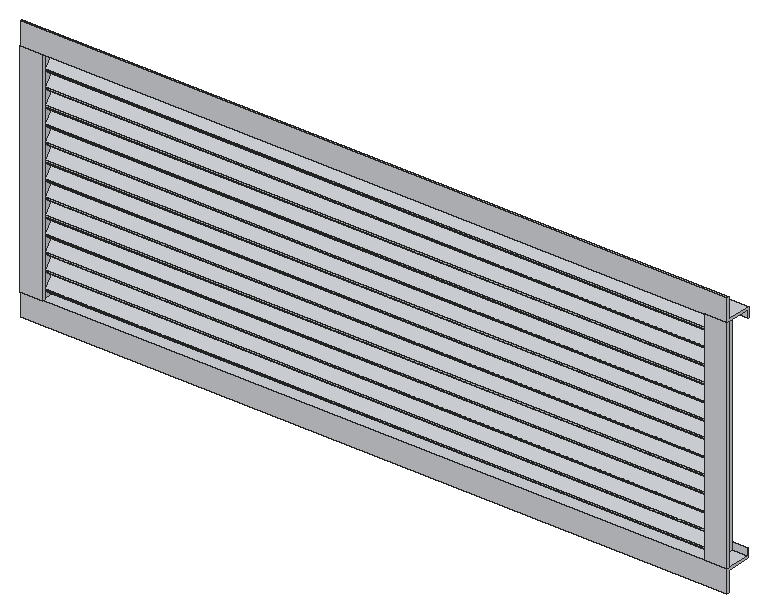
Revit family "BVF", category Mechanical Equipment, Revit 2015
Parameters
  URL = "http://unitedenertech.com/catalog/pdf/A_40%20BVE,%20BVF.pdf"
  Type Comments = "Max. Single Section Size is (48\"w x 15-3/4\"h)"
  Model = "BVF"
  Manufacturer = "United Enertech Corporation"
  Exact Width = 3' - 0"
  Exact Height = 1' - 0"
  Description = "Extruded Aluminum Flanged Brick Vent"
  Depth = 0' - 1.435"
  Blade Spacing = 0' - 0 7/8"
  Blade Number [instance] = rounddown((Exact Height - 0' 0 1/4") / 0' 0 7/8")  # 13
  BW [instance] = Exact Width - 0' 0 9/16"  # 2' - 11 7/16"
Reference planes (in)
  plane 1 "Center (Front/Back)": y = 0
  plane 2: z = 0
  plane 3 "Center (Left/Right)": x = 0
  plane 4: x = -18
  plane 5: x = 18
  plane 6: z = 12
  plane 7: x = -17.70647
  plane 8: x = 17.70647
  plane 9: z = 0.125
  plane 10: x = -18.83347
  plane 11: x = 18.83347
  plane 12: z = 11.875
  plane 13: y = 1.435
Forms (in)
  Extrusion 1, solid
    sketch origin (-58.63287, 10.46939, 0) x (-1, 0, 0) y (0, -1, 0)
      loop
        line (-41.3024, 9.15439) -> (-41.3024, 9.09439) -> (-40.63287, 9.09439) -> (-40.63287, 9.36439) -> (-40.8014, 9.36439) -> (-40.8014, 10.34439) -> (-39.7994, 10.34439) -> (-39.7994, 10.46939) -> (-40.9864, 10.46939) -> (-40.9864, 10.34439) -> (-40.9264, 10.34439) -> (-40.9264, 9.15439) -> (-41.3024, 9.15439)
    from 0.125 to 11.875
  Extrusion 2, solid
    sketch origin (58.63287, 10.46939, 0) x (1, 0, 0) y (0, 1, 0)
      loop
        line (-41.3024, -9.15439) -> (-40.9264, -9.15439) -> (-40.9264, -10.34439) -> (-40.9864, -10.34439) -> (-40.9864, -10.46939) -> (-39.7994, -10.46939) -> (-39.7994, -10.34439) -> (-40.8014, -10.34439) -> (-40.8014, -9.36439) -> (-40.63287, -9.36439) -> (-40.63287, -9.09439) -> (-41.3024, -9.09439) -> (-41.3024, -9.15439)
    from 0.125 to 11.875
  Extrusion 3, solid
    sketch origin (-28.83392, 8.75977, 78.4806) x (0, 0, 1) y (0, -1, 0)
      loop
        line (-66.9806, 7.37477) -> (-66.9806, 7.32477) -> (-66.4806, 7.32477) -> (-66.4806, 8.63477) -> (-65.4176, 8.63477) -> (-65.4176, 8.75977) -> (-66.6056, 8.75977) -> (-66.6056, 7.37477) -> (-66.9806, 7.37477)
    from 10.00045 to 47.6674
  Extrusion 4, solid
    sketch origin (-28.83392, 8.75977, -30.4806) x (0, 0, -1) y (0, 1, 0)
      loop
        line (-30.9806, -7.37477) -> (-30.6056, -7.37477) -> (-30.6056, -8.75977) -> (-29.4176, -8.75977) -> (-29.4176, -8.63477) -> (-30.4806, -8.63477) -> (-30.4806, -7.32477) -> (-30.9806, -7.32477) -> (-30.9806, -7.37477)
    from 10.00045 to 47.6674
Dimensions and locks (in)
  equal spacing: plane 4, plane 3 "Center (Left/Right)", plane 5
  "Exact Width": plane 4 to plane 5
  "Exact Height": plane 6 to level
  locked: plane 4 to plane 7 at 0.29353
  locked: plane 8 to plane 5 at 0.29353
  locked: plane 9 to level at 0.125
  locked: plane 10 to plane 4 at 0.83347
  locked: plane 5 to plane 11 at 0.83347
  locked: plane 6 to plane 12 at 0.125
  "Depth": plane 1 "Center (Front/Back)" to plane 13
  equal spacing: group 1, group 2, group 3, group 4, group 5, group 6, group 7, group 8, group 9, group 10, group 11, group 12, group 13  (x2)
  equal spacing: group 13, group 12, group 11, group 10, group 9, group 8, group 7, group 6, group 5, group 4, group 3, group 2, group 1
  "Blade Spacing": nested 2 to nested 1
  aligned and locked: level to plane 2
  aligned and locked: Extrusion 1 to plane 9
  aligned and locked: Extrusion 2 to plane 9
  aligned and locked: plane 6 to Extrusion 3
  aligned and locked: Extrusion 4 to level
  aligned and locked: plane 11 to Extrusion 3
  aligned and locked: plane 11 to Extrusion 4
  aligned and locked: Extrusion 3 to plane 10
  aligned and locked: Extrusion 4 to plane 10
  aligned and locked: plane 12 to Extrusion 1
  aligned and locked: plane 12 to Extrusion 2
  aligned and locked: plane 3 "Center (Left/Right)" to nested 1
  aligned and locked: plane 12 to nested 1
  aligned and locked: nested 2 to nested 1
Automatic sketch dimensions
  plane 1 "Center (Front/Back)" to Extrusion 1 sketch curve = 0' - 0"
  Extrusion 1 sketch curve to plane 7 = 0' - 0"
  Extrusion 1 sketch curve to plane 4 = 0' - 0"
  plane 7 to Extrusion 1 sketch curve = 0' - 0.06"
  plane 7 to Extrusion 1 sketch curve = 0' - 0.376"
  Extrusion 1 sketch curve to plane 7 = 0' - 0 1/8"
  plane 4 to Extrusion 1 sketch curve = 0' - 0.83347"
  Extrusion 1 sketch curve to plane 1 "Center (Front/Back)" = 0' - 0 1/8"  (x2)
  Extrusion 1 sketch curve to Extrusion 1 sketch curve = 0' - 0.98"
  Extrusion 1 sketch curve to Extrusion 1 sketch curve = 0' - 0.21"
  Extrusion 1 sketch curve to Extrusion 1 sketch curve = 0' - 0.27"
  plane 1 "Center (Front/Back)" to Extrusion 2 sketch curve = 0' - 0"
  Extrusion 2 sketch curve to plane 8 = 0' - 0"
  Extrusion 2 sketch curve to plane 5 = 0' - 0"
  plane 8 to Extrusion 2 sketch curve = 0' - 0.06"
  Extrusion 2 sketch curve to Extrusion 2 sketch curve = 0' - 0.376"
  Extrusion 2 sketch curve to plane 8 = 0' - 0 1/8"
  Extrusion 2 sketch curve to plane 5 = 0' - 0.83347"
  plane 1 "Center (Front/Back)" to Extrusion 2 sketch curve = 0' - 0 1/8"  (x2)
  Extrusion 2 sketch curve to Extrusion 2 sketch curve = 0' - 0.98"
  Extrusion 2 sketch curve to Extrusion 2 sketch curve = 0' - 0.21"
  Extrusion 2 sketch curve to Extrusion 2 sketch curve = 0' - 0.27"
  Extrusion 3 sketch curve to plane 1 "Center (Front/Back)" = 0' - 0"
  Extrusion 3 sketch curve to plane 6 = 0' - 0"
  Extrusion 3 sketch curve to plane 6 = 0' - 0 1/8"
  Extrusion 3 sketch curve to Extrusion 3 sketch curve = 0' - 0 3/8"
  Extrusion 3 sketch curve to plane 1 "Center (Front/Back)" = 0' - 0 1/8"
  plane 6 to Extrusion 3 sketch curve = 0' - 1.063"
  Extrusion 3 sketch curve to Extrusion 3 sketch curve = 0' - 1.26"
  Extrusion 3 sketch curve to Extrusion 3 sketch curve = 0' - 0.05"
  Extrusion 4 sketch curve to plane 1 "Center (Front/Back)" = 0' - 0"
  Extrusion 4 sketch curve to plane 1 "Center (Front/Back)" = 0' - 1.435"
  Extrusion 4 sketch curve to plane 6 = 0' - 11 1/2"
  Extrusion 4 sketch curve to Extrusion 4 sketch curve = 0' - 0 3/8"
  Extrusion 4 sketch curve to Extrusion 4 sketch curve = 0' - 0 1/8"
  Extrusion 4 sketch curve to plane 1 "Center (Front/Back)" = 0' - 0 1/8"
  Extrusion 4 sketch curve to Extrusion 4 sketch curve = 0' - 1.063"
  Extrusion 4 sketch curve to Extrusion 4 sketch curve = 0' - 0.05"
Nested families (in)
  nested 1: "BVBLADE" at (0, -2.13333, 5.41515), type "BVBLADE"
    with Blade Width 2' - 11 7/16"
  nested 2: "BVBLADE" at (0, -2.13333, 4.54015), type "BVBLADE"
    with Blade Width 2' - 11 7/16"
  nested 3: "BVBLADE" at (0, -2.13333, 3.66515), type "BVBLADE"
    with Blade Width 2' - 11 7/16"
  nested 4: "BVBLADE" at (0, -2.13333, 2.79015), type "BVBLADE"
    with Blade Width 2' - 11 7/16"
  nested 5: "BVBLADE" at (0, -2.13333, 1.91515), type "BVBLADE"
    with Blade Width 2' - 11 7/16"
  nested 6: "BVBLADE" at (0, -2.13333, 1.04015), type "BVBLADE"
    with Blade Width 2' - 11 7/16"
  nested 7: "BVBLADE" at (0, -2.13333, 0.16515), type "BVBLADE"
    with Blade Width 2' - 11 7/16"
  nested 8: "BVBLADE" at (0, -2.13333, -0.70985), type "BVBLADE"
    with Blade Width 2' - 11 7/16"
  nested 9: "BVBLADE" at (0, -2.13333, -1.58485), type "BVBLADE"
    with Blade Width 2' - 11 7/16"
  nested 10: "BVBLADE" at (0, -2.13333, -2.45985), type "BVBLADE"
    with Blade Width 2' - 11 7/16"
  nested 11: "BVBLADE" at (0, -2.13333, -3.33485), type "BVBLADE"
    with Blade Width 2' - 11 7/16"
  nested 12: "BVBLADE" at (0, -2.13333, -4.20985), type "BVBLADE"
    with Blade Width 2' - 11 7/16"
  nested 13: "BVBLADE" at (0, -2.13333, -5.08485), type "BVBLADE"
    with Blade Width 2' - 11 7/16"
Definition of nested family "BVBLADE"
  Parameters (values of type "BVBLADE")
    Blade Width = 2' - 0"
  Reference planes (in)
    plane 1 "Center (Front/Back)": y = 0
    plane 2: z = 0
    plane 3 "Center (Left/Right)": x = 0
    plane 4: x = -12
    plane 5: x = 12
  Forms (in)
    Extrusion 1, solid
      sketch origin (-0.28573, -2.93198, 3.21771) x (0, 1, 0) y (0, 0, 1)
        loop
          line (5.56435, 2.32244) -> (5.66276, 2.37926) -> (5.66276, 2.54804) -> (5.55568, 2.5915) -> (5.88969, 3.01722) -> (5.94044, 2.92931) -> (6.12062, 2.97759) -> (6.14775, 3.0637) -> (6.14775, 3.18015) -> (6.08576, 3.24214) -> (5.93384, 3.24214) -> (5.87621, 3.21066) -> (5.2808, 2.45175) -> (5.2808, 2.37541) -> (5.31244, 2.33663) -> (5.35897, 2.32244) -> (5.56435, 2.32244)
      from -11.71427 to 12.28573
  Dimensions and locks (in)
    equal spacing: plane 4, plane 3 "Center (Left/Right)", plane 5
    "Blade Width": plane 4 to plane 5
    aligned and locked: level to plane 2
    aligned and locked: plane 5 to Extrusion 1
    aligned and locked: plane 4 to Extrusion 1
  Automatic sketch dimensions
    Extrusion 1 sketch curve to plane 1 "Center (Front/Back)" = 0' - 2.34882"
    Extrusion 1 sketch curve to Extrusion 1 sketch curve = 0' - 0.03164"
    Extrusion 1 sketch curve to Extrusion 1 sketch curve = 0' - 0.04653"
    Extrusion 1 sketch curve to Extrusion 1 sketch curve = 0' - 0.27488"
    Extrusion 1 sketch curve to Extrusion 1 sketch curve = 0' - 0.20538"
    Extrusion 1 sketch curve to Extrusion 1 sketch curve = 0' - 0.09841"
    Extrusion 1 sketch curve to Extrusion 1 sketch curve = 0' - 0.21345"
    Extrusion 1 sketch curve to Extrusion 1 sketch curve = 0' - 0.01347"
    Extrusion 1 sketch curve to Extrusion 1 sketch curve = 0' - 0.05762"
    Extrusion 1 sketch curve to Extrusion 1 sketch curve = 0' - 0.05076"
    Extrusion 1 sketch curve to Extrusion 1 sketch curve = 0' - 0.15192"
    Extrusion 1 sketch curve to Extrusion 1 sketch curve = 0' - 0.18018"
    Extrusion 1 sketch curve to Extrusion 1 sketch curve = 0' - 0.02712"
    level to Extrusion 1 sketch curve = 0' - 5.54015"
    Extrusion 1 sketch curve to Extrusion 1 sketch curve = 0' - 0.01419"
    Extrusion 1 sketch curve to Extrusion 1 sketch curve = 0' - 0.03878"
    Extrusion 1 sketch curve to Extrusion 1 sketch curve = 0' - 0.05682"
    Extrusion 1 sketch curve to Extrusion 1 sketch curve = 0' - 0.07634"
    Extrusion 1 sketch curve to Extrusion 1 sketch curve = 0' - 0.16878"
    Extrusion 1 sketch curve to Extrusion 1 sketch curve = 0' - 0.04346"
    Extrusion 1 sketch curve to Extrusion 1 sketch curve = 0' - 0.38127"
    Extrusion 1 sketch curve to Extrusion 1 sketch curve = 0' - 0.04828"
    Extrusion 1 sketch curve to Extrusion 1 sketch curve = 0' - 0.08791"
    Extrusion 1 sketch curve to Extrusion 1 sketch curve = 0' - 0.08611"
    Extrusion 1 sketch curve to Extrusion 1 sketch curve = 0' - 0.11645"
    Extrusion 1 sketch curve to Extrusion 1 sketch curve = 0' - 0.19344"
    Extrusion 1 sketch curve to Extrusion 1 sketch curve = 0' - 0.06199"
